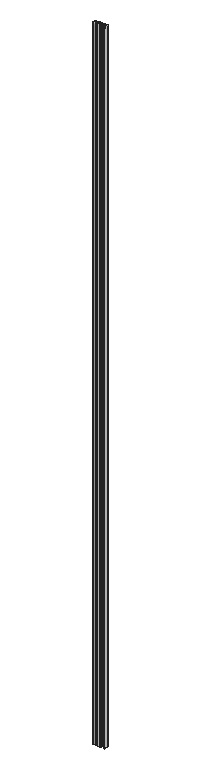
Revit family "Standard-Wall-Mtd-SD_Rakks", category Specialty Equipment, Revit 2026
Family settings
  Round Connector Dimension = Use Diameter
  Part Type = Normal
  Classification Number = 23.40.50.31.11.14
  Work Plane-Based = No
  Enable Cutting in Views = No
  Always vertical = Yes
  Cut with Voids When Loaded = No
  Maintain Annotation Orientation = No
  Shared = Yes
  Room Calculation Point = No
Parameters (values of type "Standard-Wall-Mtd-SD_Rakks")
  Warranty Duration (Years) = 0
  Unit Height [instance] = 8' - 0"
  URL = "http://www.rakks.com/"
  Test Data = "http://www.rakks.com/pdfs/Rangine_Corporation_Leed_Statement.pdf"
  Specification = "http://www.arcat.com/sdspecs/htm/10670rak.htm"
  Send Message = "http://www.arcat.com/users.pl?action=UserEmail&company=Rangine%20Corp.%20-%20Rakks&coid=35076&rep=116&fax=781-455-8702&mf="
  Sales Information = "http://store.rakks.com/"
  Revision = "R1_03-2010"
  Product Properties = "http://www.arcat.com/bim/bim_info.pl?fn=Shelving_Rakks"
  Product Data = "http://www.arcat.com/arcatcos/cos35/arc35076.html"
  Model = ""
  Material = Metal - Clear Anodized
  Manufacturer Website = "http://www.rakks.com/"
  Manufacturer Phone - Toll Free = "800-826-6006"
  Manufacturer Phone = "781-455-8700"
  Manufacturer Fax = "781-455-8702"
  Manufacturer Address = "330 Reservoir St., Needham, MA 02494"
  Manufacturer = "Rangine Corp. - Rakks"
  Maintenance Schedule (Months) = 0
  Keynote = "10 56 00"
  Installation-Fabrication = "http://www.rakks.com/literature/install.html"
  Installation Phase = ""
  Green Building-LEED = "http://www.arcat.com/green/clients/leed_data_35076.html"
  Expected Lifespan (Years) = 0
  Drawn By = "Robert S. Weygant, CSI, CDT, SCIP"
  Description = ""
  Default Elevation = 0' - 0"
  Copyright = "2010, ARCAT, Inc"
  Construction Details = "http://www.arcat.com/details/rangine/rangine.html?coid=35076"
  Capacity (Weight) = 0.00 lbf
  Building Codes = ""
  Assembly Code = "E1010500"
Reference planes (in)
  plane 1 "Center (Front/Back)": y = 0
  plane 2: z = 0
  plane 3 "Center (Left/Right)": x = 0
  plane 4: z = 96
  plane 5: y = -0.528
  plane 6 "Center": x = 0.55
Forms (in)
  Extrusion 1, solid, material "Metal - Clear Anodized" <- "Material"
    sketch origin (0, 0, 0) x (1, 0, 0) y (0, 1, 0)
      loop
        line (0.865, 0) -> (-0.865, 0)
        arc (-0.865, 0) -> (-0.88975, -0.01025) -> (-0.9, -0.035) r 0.035
        line (-0.9, -0.035) -> (-0.9, -0.493)
        arc (-0.9, -0.493) -> (-0.88975, -0.51775) -> (-0.865, -0.528) r 0.035
        line (-0.865, -0.528) -> (-0.74, -0.528)
        arc (-0.74, -0.528) -> (-0.69, -0.478) -> (-0.74, -0.428) r 0.05
        line (-0.74, -0.428) -> (-0.85, -0.428) -> (-0.85, -0.123)
        arc (-0.85, -0.123) -> (-0.83975, -0.09825) -> (-0.815, -0.088) r 0.035
        line (-0.815, -0.088) -> (-0.285, -0.088)
        arc (-0.285, -0.088) -> (-0.26025, -0.09825) -> (-0.25, -0.123) r 0.035
        line (-0.25, -0.123) -> (-0.25, -0.428) -> (-0.36, -0.428)
        arc (-0.36, -0.428) -> (-0.41, -0.478) -> (-0.36, -0.528) r 0.05
        line (-0.36, -0.528) -> (-0.14, -0.528) -> (-0.14, -0.433) -> (-0.2, -0.433) -> (-0.2, -0.15)
        arc (-0.2, -0.15) -> (-0.18184, -0.10616) -> (-0.138, -0.088) r 0.062
        line (-0.138, -0.088) -> (0.138, -0.088)
        arc (0.138, -0.088) -> (0.18184, -0.10616) -> (0.2, -0.15) r 0.062
        line (0.2, -0.15) -> (0.2, -0.433) -> (0.14, -0.433) -> (0.14, -0.528) -> (0.36, -0.528)
        arc (0.36, -0.528) -> (0.41, -0.478) -> (0.36, -0.428) r 0.05
        line (0.36, -0.428) -> (0.25, -0.428) -> (0.25, -0.123)
        arc (0.25, -0.123) -> (0.26025, -0.09825) -> (0.285, -0.088) r 0.035
        line (0.285, -0.088) -> (0.815, -0.088)
        arc (0.815, -0.088) -> (0.83975, -0.09825) -> (0.85, -0.123) r 0.035
        line (0.85, -0.123) -> (0.85, -0.428) -> (0.74, -0.428)
        arc (0.74, -0.428) -> (0.69, -0.478) -> (0.74, -0.528) r 0.05
        line (0.74, -0.528) -> (0.865, -0.528)
        arc (0.865, -0.528) -> (0.88975, -0.51775) -> (0.9, -0.493) r 0.035
        line (0.9, -0.493) -> (0.9, -0.035)
        arc (0.9, -0.035) -> (0.88975, -0.01025) -> (0.865, 0) r 0.035
    from 0 to 96
Dimensions and locks (in)
  "Unit Height": plane 4 to plane 2
  aligned and locked: Extrusion 1 to plane 4
Automatic sketch dimensions
  Extrusion 1 sketch curve to plane 1 "Center (Front/Back)" = 0' - 0"
  plane 1 "Center (Front/Back)" to Extrusion 1 sketch curve = 0' - 0.493"
  Extrusion 1 sketch curve to plane 3 "Center (Left/Right)" = 0' - 0.9"
  Extrusion 1 sketch curve to Extrusion 1 sketch curve = 0' - 0.035"  (x6)
  Extrusion 1 sketch curve to Extrusion 1 sketch curve = 0' - 0.015"
  Extrusion 1 sketch curve to Extrusion 1 sketch curve = 0' - 0.11"  (x3)
  Extrusion 1 sketch curve to plane 3 "Center (Left/Right)" = 0' - 0.36"
  plane 1 "Center (Front/Back)" to Extrusion 1 sketch curve = 0' - 0.088"  (x2)
  Extrusion 1 sketch curve to plane 3 "Center (Left/Right)" = 0' - 0.285"
  Extrusion 1 sketch curve to Extrusion 1 sketch curve = 0' - 0.05"  (x7)
  Extrusion 1 sketch curve to Extrusion 1 sketch curve = 0' - 0.06"  (x2)
  Extrusion 1 sketch curve to Extrusion 1 sketch curve = 0' - 0.062"
  plane 3 "Center (Left/Right)" to Extrusion 1 sketch curve = 0' - 0.138"
  plane 3 "Center (Left/Right)" to Extrusion 1 sketch curve = 0' - 0.14"
  Extrusion 1 sketch curve to Extrusion 1 sketch curve = 0' - 0.38"
  plane 1 "Center (Front/Back)" to Extrusion 1 sketch curve = 0' - 0.123"
  Extrusion 1 sketch curve to Extrusion 1 sketch curve = 0' - 0.075"
  plane 1 "Center (Front/Back)" to Extrusion 1 sketch curve = 0' - 0.035"
  Extrusion 1 sketch curve to Extrusion 1 sketch curve = 0' - 0.378"
  Extrusion 1 sketch curve to Extrusion 1 sketch curve = 0' - 0"  (x2)
  Extrusion 1 sketch curve to Extrusion 1 sketch curve = 0' - 0.095"  (x2)
